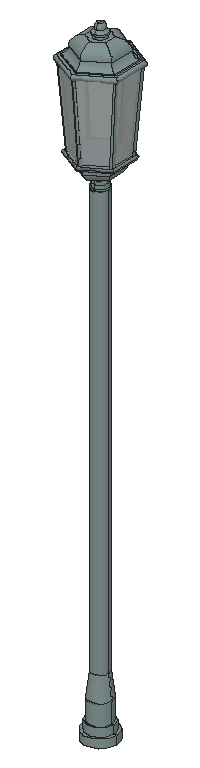
Revit family "ALN445 Post Top Mount", category Lighting Fixtures, host Face, Revit 2012
Parameters (values of type "Antique Green")
  Wattage Comments = "70-400W"  # constant formula
  Watt [instance] = 100 W
  Voltage [instance] = 120 V
  URL = "http://www.aal.net/"
  Product Page URL = "http://www.aal.net/products/towne_commons_aln445/"
  Product Documentation Link = "http://cdn.aal.net/content/products/specs/specs_files/aal_aln445_spec.pdf"
  Pole Height [instance] = 120.000"
  Photometric Web [instance] = Web ALN445 : ALN445-Y2-32LED-5K-700
  Model = "ALN445"  # constant formula
  Manufacturer Phone = "(626)-968-5666"  # constant formula
  Manufacturer Fax = "(626)-369-2695"  # constant formula
  Manufacturer = "Architectural Area Lighting"  # constant formula
  Load Classification = Lighting
  Light Bulb Material = Hubbell - Glass
  Lamp = "ED-28 & ED-23 1/2"  # constant formula
  Finish = Hubbell-Aluminum-Antique Green
  Description = "The Towne Commons family of fixtures are available in a wide range of sizes and configurations"  # constant formula
  Default Elevation = 48.000"
  Apparent Load = 100 VA
Types (14): name | Photometric Web | Finish
  (no name) | Web ALN445 : ALN445-Y2-32LED-5K-700 | Hubbell-Aluminum-Antique Green
  Antique Green | Web ALN445 : ALN445-Y2-32LED-5K-700 | Hubbell-Aluminum-Antique Green
  Arctic White | Web ALN445 : ALN445-Y2-32LED-4K-SBL-700 | Hubbell-Aluminum-Artic White
  Black | Web ALN445 : ALN 445-H2 250HPS | Hubbell-Aluminum-Black
  Matte Black | Web ALN445 : ALN445-Y2-32LED-3K-SBL-700 | Hubbell-Aluminum-Matte Black
  Dark Green | Web ALN445 : ALN 445-H3 250MH | Hubbell-Aluminum-Dark Green
  Dark Bronze | Web ALN445 : ALN 445-H2 250HPS | Hubbell-Aluminum-Dark Bronze
  Weathered Bronze | Web ALN445 : ALN445-Y2-32LED-5K-SBL-700 | Hubbell-Aluminum-Weathered Bronze
  Metalic Bronze | Web ALN445 : ALN 445-H5 250MH | Hubbell-Aluminum-Metalic Bronze
  Verde Blue | Web ALN445 : ALN445-Y2-32LED-3K-700 | Hubbell-Aluminum-Verde Blue
  Corten | Web ALN445 : ALN 445-GR5 250MH | Hubbell-Aluminum-Corten
  Matte Aluminum | Web ALN445 : ALN 445-H2 250HPS | Hubbell-Aluminum-Matte
  Medium Grey | Web ALN445 : ALN 445-H5 250MH | Hubbell-Aluminum-Medium Grey
  Light Grey | Web ALN445 : ALN445-Y2-32LED-4K-LDL-700 | Hubbell-Aluminum-Light Grey
Reference planes
  plane 1 "Center (Front/Back)": y = 1.016
  plane 2: z = 0
  plane 3 "Center (Left/Right)": x = 0.165
  plane 4: z = 3048
  plane 5: z = 50.8
  plane 6: z = 101.6
  plane 7: z = 228.6
  plane 8: z = 476.25
  plane 9: z = 3124.2
  plane 10: z = 3886.2
  plane 11: z = 3962.4
  plane 12: z = 3302
Forms (mm)
  Revolve 1, solid, material "Hubbell-Aluminum-Antique Green" <- "Finish"
    sketch origin (0, 1.016, 0) x (1, 0, 0) y (0, 0, 1)
      loop
        line (0.165, 0) -> (101.6, 0) -> (101.6, 50.8) -> (82.55, 50.8) -> (82.55, 101.6) -> (69.85, 101.6) -> (69.85, 228.6) -> (50.965, 376.673) -> (50.965, 3048) -> (0.165, 3048) -> (0.165, 0)
      axis (0.165, 0) -> (0.165, 3048)
    angle from 0 to 360
  Revolve 2, solid, material "Hubbell-Aluminum-Antique Green" <- "Finish"
    sketch origin (0.165, 0, 0) x (0, 1, 0) y (0, 0, 1)
      loop
        line (1.016, 3048) -> (45.466, 3048) -> (45.466, 3054.35) -> (51.816, 3054.35) -> (51.816, 3060.7) -> (45.466, 3060.7) -> (45.466, 3086.1) -> (45.466, 3105.15) -> (29.481, 3124.2) -> (1.016, 3124.2) -> (1.016, 3048)
      loop
        line (1.016, 3886.2) -> (39.116, 3886.2) -> (39.116, 3905.25) -> (45.466, 3905.25) -> (45.466, 3911.6)
        arc (45.466, 3911.6) -> (33.79, 3920.767) -> (29.169, 3934.874) r 25.583
        arc (29.169, 3934.874) -> (26.28, 3949.556) -> (18.603, 3962.4) r 43.669
        line (18.603, 3962.4) -> (1.016, 3962.4) -> (1.016, 3886.2)
      axis (1.016, 3962.4) -> (1.016, 3048)
    angle from 0 to 360
Dimensions and locks
  host sketch curve to plane 1 "Center (Front/Back)" to host sketch curve = 48.03999", 47.96001"
  host sketch curve to plane 3 "Center (Left/Right)" to host sketch curve = 48.00649", 47.99351"
  "Pole Height": plane 4 to host face
  locked: plane 5 to plane 2 at 50.8
  locked: plane 6 to plane 5 at 50.8
  locked: plane 7 to plane 6 at 127
  locked: plane 8 to plane 7 at 247.65
  locked: plane 9 to plane 4 at 76.2
  locked: plane 10 to plane 9 at 762
  locked: plane 11 to plane 10 at 76.2
  locked: plane 10 to plane 12 at 584.2
  locked: Revolve 2 sketch curve to Revolve 2 sketch curve at 57.465
  locked: Revolve 2 sketch curve to Revolve 2 sketch curve at 6.35  (x2)
  locked: Revolve 2 sketch curve to Revolve 2 sketch curve at 19.05
  locked: Revolve 2 sketch curve to Revolve 1 at 6.35
  locked: Revolve 2 sketch curve to Revolve 2 sketch curve at 44.45
  aligned and locked: plane 2 to host face
  aligned and locked: level to host face
  aligned and locked: plane 3 "Center (Left/Right)" to Revolve 1 sketch curve  (x2)
  aligned and locked: Revolve 1 sketch curve to plane 4
  aligned and locked: plane 5 to Revolve 1
  aligned and locked: plane 6 to Revolve 1
  aligned and locked: Revolve 2 sketch curve to plane 1 "Center (Front/Back)"
  aligned and locked: Revolve 2 sketch curve to Revolve 2 sketch curve
  aligned and locked: Revolve 2 sketch curve to plane 9
  aligned and locked: plane 4 to Revolve 2 sketch curve
  aligned and locked: nested 1 to plane 1 "Center (Front/Back)"
  aligned and locked: plane 3 "Center (Left/Right)" to nested 1
  aligned and locked: nested 2 to plane 1 "Center (Front/Back)"
  aligned and locked: plane 3 "Center (Left/Right)" to nested 2
  aligned and locked: Revolve 1 sketch curve to plane 2
  aligned and locked: plane 5 to Revolve 1 sketch curve
  aligned and locked: plane 6 to Revolve 1 sketch curve
Automatic sketch dimensions
  Revolve 2 sketch curve to plane 1 "Center (Front/Back)" = 0.000"
  Revolve 2 sketch curve to plane 10 = 0.000"
  Revolve 2 sketch curve to plane 11 = 0.000"
  plane 1 "Center (Front/Back)" to Revolve 2 sketch curve = 0.61041"
  Revolve 2 sketch curve to plane 1 "Center (Front/Back)" = 0.69241"
  Revolve 2 sketch curve to Revolve 2 sketch curve = 0.000"  (x2)
  Revolve 2 sketch curve to plane 1 "Center (Front/Back)" = 1.12068"
  Revolve 2 sketch curve to Revolve 2 sketch curve = 0.39159"
  Revolve 2 sketch curve to plane 1 "Center (Front/Back)" = 1.750"
  Revolve 2 sketch curve to Revolve 2 sketch curve = 0.250"  (x2)
  Revolve 2 sketch curve to Revolve 2 sketch curve = 0.36537"
  Revolve 2 sketch curve to plane 4 = 17.2356"
  Revolve 2 sketch curve to Revolve 2 sketch curve = 1.000"
  plane 11 to Revolve 2 sketch curve = 10.7644"
  Revolve 1 sketch curve to plane 7 = 0.000"
  plane 3 "Center (Left/Right)" to Revolve 1 sketch curve = 2.000"
  plane 3 "Center (Left/Right)" to Revolve 1 sketch curve = 2.74351"
  Revolve 1 sketch curve to Revolve 1 sketch curve = 0.500"
  Revolve 1 sketch curve to Revolve 1 sketch curve = 0.750"
  Revolve 1 sketch curve to Revolve 1 sketch curve = 8.000"
  Revolve 1 sketch curve to Revolve 1 sketch curve = 14.000"
  Revolve 1 sketch curve to plane 8 = 3.92035"
Nested families
  nested 1: "ALN 445 Retrofit" at (1.181, -41.388, 3124.2) x (0, 1, 0) z (0, 0, 1), Glass <- "Light Bulb Material", Backbox <- "Finish", type "ALN 445"
    with Glass Hubbell - Glass, Backbox Hubbell-Aluminum-Antique Green
  nested 2: "Web ALN445" at (6.234, 0, 3302), type <- "Photometric Web", type "ALN445-Y2-32LED-5K-700"
Connectors
  electrical at (0.165, 1.016, 0), driven by "Load Classification", driven by "Voltage", driven by "Apparent Load"
    settings: on Revolve 1, index 1, voltage 120 V, apparent load 100 VA, apparent load phase1 0 VA, apparent load phase2 0 VA, apparent load phase3 0 VA, power factor 1, load classification "Lighting", number of poles 1, system type 30, power factor state 1, is connector primary yes, connector utility no, sub classification motor no, connector description "Electrical Connector"
Definition of nested family "ALN 445 Retrofit"
  Parameters (values of type "ALN 445")
    Wattage Comments = ""
    Voltage = 120 V
    URL = ""
    Product Page URL = ""
    Product Documentation Link = ""
    Nominal Watts = 136 W
    Model = ""
    Manufacturer Phone = ""
    Manufacturer Fax = ""
    Manufacturer = ""
    Lamp = "LED Lamp"
    Glass [instance] = none
    Description = ""
    Default Elevation = 48.000"
    Backbox [instance] = none
    Apparent Load = 0 VA
  Reference planes
    plane 1 "Center (Front/Back)": y = 1.016
    plane 2: z = 0
    plane 3 "Center (Left/Right)": x = 42.404
    plane 4: x = 271.004
    plane 5: x = -186.196
    plane 6: z = 762
    plane 7: y = 229.616
    plane 8: y = -227.584
    plane 9: through (42.404, 1.016, 1219.2) normal (-0.5, 0.866, 0)
    plane 10: z = 609.6
    plane 11: z = 114.3
    plane 12: z = 114.3
    plane 13: z = 609.6
  Forms (mm)
    Extrusion 1, solid
      sketch origin (0, -202.184, 1.615) x (1, 0, 0) y (0, 1, 0)
        loop
          line (-795.796, 1422.4) -> (-795.796, -1016) -> (896.552, -1016) -> (896.552, 1422.4) -> (-795.796, 1422.4)
      from -1.615 to -52.415
    Sweep 2, solid, material <- "Backbox"
      path origin (0, 0, 0) x (1, 0, 0) y (0, 1, 0)
        loop
          line (271.004, 1.016) -> (156.704, 198.989) -> (-71.896, 198.989) -> (-186.196, 1.016) -> (-71.896, -196.958) -> (156.704, -196.958) -> (271.004, 1.016)
      profile origin (42.404, -196.958, 0) x (0, 1, 0) y (0, 0, 1)
        loop
          line (15.137, 609.6) -> (197.973, 609.6) -> (197.973, 762) -> (132.841, 762)
          arc (132.841, 762) -> (84.568, 742.005) -> (64.573, 693.731) r 68.269
          arc (64.573, 693.731) -> (55.61, 664.509) -> (31.806, 645.337) r 52.121
          line (31.806, 645.337) -> (31.806, 640.298) -> (15.137, 640.298)
          arc (15.137, 640.298) -> (-0.212, 624.949) -> (15.137, 609.6) r 15.349
        loop
          line (197.973, 0) -> (197.973, 114.3) -> (43.525, 114.3)
          arc (43.525, 114.3) -> (37.175, 107.95) -> (43.525, 101.6) r 6.35
          line (43.525, 101.6) -> (43.525, 93.473)
          arc (43.525, 93.473) -> (72.1, 81.637) -> (83.936, 53.062) r 40.411
          arc (83.936, 53.062) -> (105.898, 15.023) -> (147.173, 0) r 64.213
          line (147.173, 0) -> (197.973, 0)
    Sweep 3, solid, material <- "Backbox"
      path origin (0, 0, 0) x (1, 0, 0) y (0, 1, 0)
        loop
          line (271.004, 1.016) -> (156.704, 198.989) -> (-71.896, 198.989) -> (-186.196, 1.016) -> (-71.896, -196.958) -> (156.704, -196.958) -> (271.004, 1.016)
      profile origin (42.404, 198.989, 0) x (0, -1, 0) y (0, 0, 1)
        loop
          line (15.137, 609.6) -> (53.847, 114.3) -> (66.617, 114.3) -> (27.907, 609.6) -> (15.137, 609.6)
    Extrusion 4, void
      sketch origin (0, 1.016, 0) x (1, 0, 0) y (0, 0, 1)
        loop
          line (-50.433, 609.6) -> (-28.084, 114.3) -> (112.892, 114.3) -> (135.241, 609.6) -> (-50.433, 609.6)
      from -228.6 to 228.6
    Extrusion 5, void
      sketch origin (21.202, 37.739, 0) x (0.5, -0.866025, 0) y (0, 0, 1)
        loop
          line (-50.433, 609.6) -> (-28.084, 114.3) -> (112.892, 114.3) -> (135.241, 609.6) -> (-50.433, 609.6)
      from -228.6 to 228.6
    Extrusion 6, void
      sketch origin (21.202, -35.707, 0) x (0.5, 0.866025, 0) y (0, 0, 1)
        loop
          line (-50.433, 609.6) -> (-28.084, 114.3) -> (112.892, 114.3) -> (135.241, 609.6) -> (-50.433, 609.6)
      from -228.6 to 228.6
    Sweep 7, solid, material <- "Glass"
      path origin (0, 0, 0) x (1, 0, 0) y (0, 1, 0)
        loop
          line (271.004, 1.016) -> (156.704, 198.989) -> (-71.896, 198.989) -> (-186.196, 1.016) -> (-71.896, -196.958) -> (156.704, -196.958) -> (271.004, 1.016)
      profile origin (42.404, 198.989, 0) x (0, -1, 0) y (0, 0, 1)
        loop
          line (64.866, 114.3) -> (26.156, 609.6) -> (19.771, 609.6) -> (58.481, 114.3) -> (64.866, 114.3)
  Cuts and joins
    Extrusion 4, Extrusion 5, Extrusion 6 cuts Sweep 2
    Extrusion 4, Extrusion 5, Extrusion 6 cuts Sweep 3
  Dimensions and locks
    equal spacing: plane 4, plane 3 "Center (Left/Right)", plane 5
    locked: plane 6 to Extrusion 1 at 762
    equal spacing: plane 7, plane 1 "Center (Front/Back)", plane 8
    locked: plane 7 to plane 8 at 457.2
    locked: plane 4 to plane 5 at 457.2
    locked: plane 6 to plane 10 at 152.4
    locked: plane 11 to plane 2 at 114.3
    angle plane 1 "Center (Front/Back)" to plane 9 = 30.00°
    aligned and locked: plane 2 to Extrusion 1
    aligned and locked: level to Extrusion 1
    aligned and locked: Sweep 2 sketch curve to plane 1 "Center (Front/Back)"
    aligned and locked: plane 11 to plane 12
    aligned and locked: plane 10 to plane 13
    aligned and locked: Sweep 2 sketch curve to plane 12
    aligned and locked: Sweep 2 sketch curve to plane 2
    aligned and locked: plane 1 "Center (Front/Back)" to Sweep 2 sketch curve
    aligned and locked: plane 13 to Sweep 2 sketch curve
    aligned and locked: Sweep 2 sketch curve to plane 6
    aligned and locked: Sweep 3 sketch curve to plane 13
    aligned and locked: Sweep 3 sketch curve to plane 12
    aligned and locked: Sweep 3 to Extrusion 4 sketch curve
    aligned and locked: Extrusion 4 sketch curve to plane 10
    aligned and locked: plane 8 to Extrusion 4
    aligned and locked: Sweep 7 sketch curve to plane 13
    aligned and locked: plane 12 to Sweep 7 sketch curve
  Automatic sketch dimensions
    Extrusion 1 sketch curve to Extrusion 1 sketch curve = 66.62788"
    Extrusion 1 sketch curve to Extrusion 1 sketch curve = 96.000"
    plane 1 "Center (Front/Back)" to Sweep 2 sketch curve = 0.000"  (x2)
    Sweep 2 sketch curve to plane 5 = 0.000"
    Sweep 2 sketch curve to plane 4 = 0.000"
    Sweep 2 sketch curve to plane 7 = 1.20577"
    Sweep 2 sketch curve to plane 3 "Center (Left/Right)" = 4.500"  (x2)
    Sweep 2 sketch curve to plane 8 = 1.20577"
    plane 3 "Center (Left/Right)" to Sweep 2 sketch curve = 4.500"  (x2)
    Sweep 2 sketch curve to Sweep 2 sketch curve = 2.000"
    Sweep 2 sketch curve to Sweep 2 sketch curve = 2.56426"
    level to Sweep 2 sketch curve = 2.08906"
    Sweep 2 sketch curve to Sweep 2 sketch curve = 2.48964"
    Sweep 2 sketch curve to profile plane = 2.54223"
    Sweep 2 sketch curve to Sweep 2 sketch curve = 0.000"
    Sweep 2 sketch curve to profile plane = 1.71359"
    Sweep 2 sketch curve to profile plane = 1.25219"
    Sweep 2 sketch curve to profile plane = 0.59595"
    Sweep 2 sketch curve to profile plane = 0.4902"
    Sweep 2 sketch curve to Sweep 2 sketch curve = 0.31995"
    Sweep 2 sketch curve to Sweep 2 sketch curve = 0.6043"
    Sweep 3 sketch curve to profile plane = 0.59595"
    Sweep 3 sketch curve to Sweep 3 sketch curve = 0.50275"  (x2)
    Sweep 3 sketch curve to profile plane = 2.11996"
    Extrusion 4 sketch curve to plane 3 "Center (Left/Right)" = 3.65501"
    Extrusion 4 sketch curve to plane 3 "Center (Left/Right)" = 2.77512"
    plane 3 "Center (Left/Right)" to Extrusion 4 sketch curve = 2.77512"
    plane 3 "Center (Left/Right)" to Extrusion 4 sketch curve = 3.65501"
    Extrusion 5 sketch curve to plane 10 = 0.000"
    Extrusion 5 sketch curve to plane 11 = 0.000"
    plane 9 to Extrusion 5 sketch curve = 3.65501"
    plane 9 to Extrusion 5 sketch curve = 2.77512"
    Extrusion 5 sketch curve to plane 9 = 2.77512"
    Extrusion 5 sketch curve to plane 9 = 3.65501"
    Extrusion 6 sketch curve to plane 10 = 0.000"
    Extrusion 6 sketch curve to plane 11 = 0.000"
    Extrusion 6 sketch curve to Extrusion 6 sketch curve = 0.87989"
    Extrusion 6 sketch curve to Extrusion 6 sketch curve = 5.55024"
    Extrusion 6 sketch curve to Extrusion 6 sketch curve = 7.31001"
    Sweep 7 sketch curve to profile plane = 0.77839"
    Sweep 7 sketch curve to Sweep 7 sketch curve = 0.25138"  (x2)
    Sweep 7 sketch curve to profile plane = 2.3024"
Definition of nested family "Web ALN445"
  Parameters (values of type "ALN445-Y5-32LED-5K-SBL-700")
    Wattage Comments = ""
    Wattage = 60 W
    built-in parameter 1150110 = 1 (stored number, unit not read)
    URL = ""
    built-in parameter 1114217 = 1 (stored number, unit not read)
    Tilt Angle = -90.00°
    built-in parameter 1150109 = 1 (stored number, unit not read)
    built-in parameter 1150134 = 2
    built-in parameter 1150113 = 1 (stored number, unit not read)
    Product Page URL = ""
    Product Documentation Link = ""
    Photometric Web File = "ALN445-Y5-32LED-5K-SBL-700.IES"
    Model = ""
    Manufacturer Phone = ""
    Manufacturer Fax = ""
    Manufacturer = ""
    built-in parameter 1150105 = 387.94 (stored number, unit not read)
    Lumens = 4875 lm
    built-in parameter 1150115 = 1 (stored number, unit not read)
    built-in parameter 1150137 = (empty or 0)
    built-in parameter 1150139 = (empty or 0)
    built-in parameter 1150112 = 1 (stored number, unit not read)
    built-in parameter 1150114 = 1 (stored number, unit not read)
    Lamp = ""
    built-in parameter 1150132 = 1
    built-in parameter 1150102 = (empty or 0)
    built-in parameter 1150107 = 5000 (stored number, unit not read)
    built-in parameter 1150138 = (empty or 0)
    built-in parameter 1150106 = 3.8794 (stored number, unit not read)
    Emit from Line Length = 2.000"
    built-in parameter 1150104 = 7.5484 (stored number, unit not read)
    Dimming Lamp Color Temperature Shift = (empty or 0)
    Description = ""
    Default Elevation = 48.000"
    Color Filter = 16777215
    built-in parameter 1114218 = 1 (stored number, unit not read)
    built-in parameter 1150133 = 10 (stored number, unit not read)
  Types (41): name | built-in parameter 1150134 | Photometric Web File | built-in parameter 1150107
    ALN 445-GR3 250HPS | (empty or 0) | "ALN 445-GR3 250HPS.IES" | 3000 (stored number, unit not read)
    ALN 445-GR5 250MH | (empty or 0) | "ALN 445-GR5 250MH.IES" | 3000 (stored number, unit not read)
    ALN 445-H2 250HPS | (empty or 0) | "ALN 445-H2 250HPS.IES" | 3000 (stored number, unit not read)
    ALN 445-H3 250MH | (empty or 0) | "ALN 445-H3 250MH.IES" | 3000 (stored number, unit not read)
    ALN 445-H5 250MH | (empty or 0) | "ALN 445-H5 250MH.IES" | 3000 (stored number, unit not read)
    ALN445-Y2-32LED-3K-700 | (empty or 0) | "ALN445-Y2-32LED-3K-700.IES" | 3000 (stored number, unit not read)
    ALN445-Y2-32LED-3K-LDL-700 | (empty or 0) | "ALN445-Y2-32LED-3K-LDL-700.IES" | 3000 (stored number, unit not read)
    ALN445-Y2-32LED-3K-SBL-700 | (empty or 0) | "ALN445-Y2-32LED-3K-SBL-700.IES" | 3000 (stored number, unit not read)
    ALN445-Y2-32LED-4K-700 | 12 | "ALN445-Y2-32LED-4K-700.IES" | 4000 (stored number, unit not read)
    ALN445-Y2-32LED-4K-LDL-700 | 12 | "ALN445-Y2-32LED-4K-LDL-700.IES" | 4000 (stored number, unit not read)
    ALN445-Y2-32LED-4K-SBL-700 | 12 | "ALN445-Y2-32LED-4K-SBL-700.IES" | 4000 (stored number, unit not read)
    ALN445-Y2-32LED-5K-700 | 2 | "ALN445-Y2-32LED-5K-700.IES" | 5000 (stored number, unit not read)
    ALN445-Y2-32LED-5K-LDL-700 | 2 | "ALN445-Y2-32LED-5K-LDL-700.IES" | 5000 (stored number, unit not read)
    ALN445-Y2-32LED-5K-SBL-700 | 2 | "ALN445-Y2-32LED-5K-SBL-700.IES" | 5000 (stored number, unit not read)
    ALN445-Y3-32LED-3K-700 | (empty or 0) | "ALN445-Y3-32LED-3K-700.IES" | 3000 (stored number, unit not read)
    ALN445-Y3-32LED-3K-LDL-700 | (empty or 0) | "ALN445-Y3-32LED-3K-LDL-700.IES" | 3000 (stored number, unit not read)
    ALN445-Y3-32LED-3K-SBL-700 | (empty or 0) | "ALN445-Y3-32LED-3K-SBL-700.IES" | 3000 (stored number, unit not read)
    ALN445-Y3-32LED-4K-700 | 12 | "ALN445-Y3-32LED-4K-700.IES" | 4000 (stored number, unit not read)
    ALN445-Y3-32LED-4K-LDL-700 | 12 | "ALN445-Y3-32LED-4K-LDL-700.IES" | 4000 (stored number, unit not read)
    ALN445-Y3-32LED-4K-SBL-700 | 12 | "ALN445-Y3-32LED-4K-SBL-700.IES" | 4000 (stored number, unit not read)
    ALN445-Y3-32LED-5K-700 | 2 | "ALN445-Y3-32LED-5K-700.IES" | 5000 (stored number, unit not read)
    ALN445-Y3-32LED-5K-LDL-700 | 2 | "ALN445-Y3-32LED-5K-LDL-700.IES" | 5000 (stored number, unit not read)
    ALN445-Y3-32LED-5K-SBL-700 | 2 | "ALN445-Y3-32LED-5K-SBL-700.IES" | 5000 (stored number, unit not read)
    ALN445-Y4-32LED-3K-700 | (empty or 0) | "ALN445-Y4-32LED-3K-700.IES" | 3000 (stored number, unit not read)
    ALN445-Y4-32LED-3K-LDL-700 | (empty or 0) | "ALN445-Y4-32LED-3K-LDL-700.IES" | 3000 (stored number, unit not read)
    ALN445-Y4-32LED-3K-SBL-700 | (empty or 0) | "ALN445-Y4-32LED-3K-SBL-700.IES" | 3000 (stored number, unit not read)
    ALN445-Y4-32LED-4K-700 | 12 | "ALN445-Y4-32LED-4K-700.IES" | 4000 (stored number, unit not read)
    ALN445-Y4-32LED-4K-LDL-700 | 12 | "ALN445-Y4-32LED-4K-LDL-700.IES" | 4000 (stored number, unit not read)
    ALN445-Y4-32LED-4K-SBL-700 | 12 | "ALN445-Y4-32LED-4K-SBL-700.IES" | 4000 (stored number, unit not read)
    ALN445-Y4-32LED-5K-700 | 2 | "ALN445-Y4-32LED-5K-700.IES" | 5000 (stored number, unit not read)
    ALN445-Y4-32LED-5K-LDL-700 | 2 | "ALN445-Y4-32LED-5K-LDL-700.IES" | 5000 (stored number, unit not read)
    ALN445-Y4-32LED-5K-SBL-700 | 2 | "ALN445-Y4-32LED-5K-SBL-700.IES" | 5000 (stored number, unit not read)
    ALN445-Y5-32LED-3K-700 | (empty or 0) | "ALN445-Y5-32LED-3K-700.IES" | 3000 (stored number, unit not read)
    ALN445-Y5-32LED-3K-LDL-700 | (empty or 0) | "ALN445-Y5-32LED-3K-LDL-700.IES" | 3000 (stored number, unit not read)
    ALN445-Y5-32LED-3K-SBL-700 | (empty or 0) | "ALN445-Y5-32LED-3K-SBL-700.IES" | 3000 (stored number, unit not read)
    ALN445-Y5-32LED-4K-700 | 12 | "ALN445-Y5-32LED-4K-700.IES" | 4000 (stored number, unit not read)
    ALN445-Y5-32LED-4K-LDL-700 | 12 | "ALN445-Y5-32LED-4K-LDL-700.IES" | 4000 (stored number, unit not read)
    ALN445-Y5-32LED-4K-SBL-700 | 12 | "ALN445-Y5-32LED-4K-SBL-700.IES" | 4000 (stored number, unit not read)
    ALN445-Y5-32LED-5K-700 | 2 | "ALN445-Y5-32LED-5K-700.IES" | 5000 (stored number, unit not read)
    ALN445-Y5-32LED-5K-LDL-700 | 2 | "ALN445-Y5-32LED-5K-LDL-700.IES" | 5000 (stored number, unit not read)
    ALN445-Y5-32LED-5K-SBL-700 | 2 | "ALN445-Y5-32LED-5K-SBL-700.IES" | 5000 (stored number, unit not read)
  Reference planes
    plane 1 "Center (Front/Back)": y = 1.016
    plane 2: z = 0
    plane 3 "Center (Left/Right)": x = -6.07
  Forms (mm)
    Extrusion 1, solid
      sketch origin (0, 0, 1.615) x (1, 0, 0) y (0, 1, 0)
        loop
          line (-1219.2, 1219.2) -> (-1219.2, -1219.2) -> (1219.2, -1219.2) -> (1219.2, 1219.2) -> (-1219.2, 1219.2)
      from -1.615 to -154.015
  Lines and regions (mm)
    reference lines
      curve 1: line (-6.07, 1.016, 460.108) -> (-6.07, 1.016, -581.292)
      curve 2: line (-6.07, 1.016, 863.6) -> (-6.07, 1.016, -581.292)
      curve 3: line (-6.07, 737.616, 0) -> (-6.07, -760.984, 0)
      curve 4: line (-945.87, 1.016, 0) -> (1035.33, 1.016, 0)
  Dimensions and locks
    aligned and locked: plane 2 to Extrusion 1
    aligned and locked: level to Extrusion 1
    aligned and locked: imposter light to plane 1 "Center (Front/Back)"
    aligned and locked: plane 1 "Center (Front/Back)" to curve 2
    aligned and locked: curve 3 to plane 3 "Center (Left/Right)"
    aligned and locked: plane 1 "Center (Front/Back)" to curve 4
    aligned and locked: imposter light to curve 2
